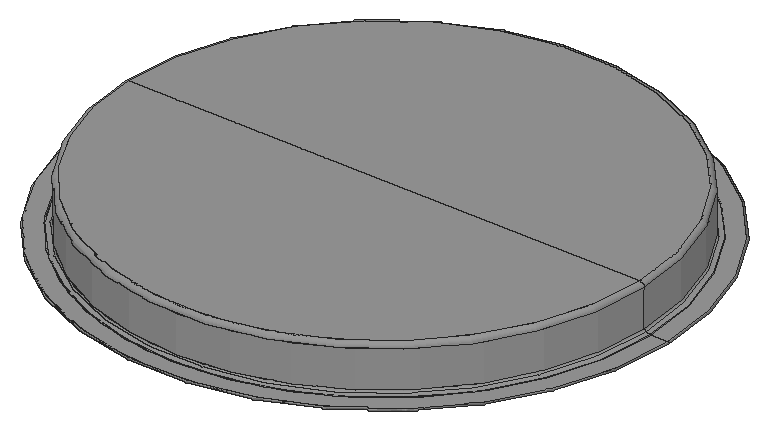
Revit family "MIA13_63_UN_Downlighter_ETK", category Lighting Fixtures, Revit 2017
Family settings
  Round Connector Dimension = Use Diameter
  Part Type = Normal
  OmniClass Number = 23.80.70.11.14.11
  OmniClass Title = Downlights
  Work Plane-Based = No
  Always vertical = Yes
  Cut with Voids When Loaded = No
  Light Source = No
  Shared = No
  Room Calculation Point = Yes
Parameters (values of type "MIA.1310.15 - Ø240 / 18W / 1800lm / 3000K")
  Wattage Comments = "18W"
  Voltage = 230 V
  URL = "http://www.etk.nl/producten/mia-1/"
  Type Comments = "IP40"
  Symbol_Waterproof [instance] = no
  Symbol_Emergency Lighting [instance] = no
  Switch Code [instance] = ""
  Radius = Diameter / 2  # 120 mm
  Model = "MIA.1"
  Manufacturer = "ETK licht B.V."
  Luminaire_Material = RAL9003
  Luminaire Code [instance] = ""
  Light Source = MIA.13 - Lightsource : MIA.1310.15 - Ø240 / 18W / 1800lm / 3000K
  Lamp = "LED"
  IfcExportType = "USERDEFINED"
  IfcExportAs = "IfcLightFixtureType"
  Diameter = 240 mm
  Copyright © IVLighting = "www.IVLighting.nl"
  Calc_Radius_housing = Radius - 10 mm  # 110 mm
  Calc_Radius_glass = Radius - 7.5 mm  # 112.5 mm
  Bundle = "110°"
  Assembly Code = "63.0"
  Apparent Load = 18 VA
Reference planes
  plane 1 "Center (Front/Back)": y = 0
  plane 2: z = 0
  plane 3 "Center (Left/Right)": x = 0
Forms (mm)
  Revolve 1, solid, material "RAL9003" <- "Luminaire_Material"
    sketch origin (0, 0, 0) x (1, 0, 0) y (0, 0, 1)
      loop
        line (-112.516, 0) -> (-120, 0)
        arc (-120, 0) -> (-120.4, -0.4) -> (-120, -0.8) r 0.4
        line (-120, -0.8) -> (-112.516, -0.8) -> (-112.516, 0)
      axis (0, 0) -> (0, -1)
    angle from 0 to 360
  Revolve 2, solid, material "RAL9003" <- "Luminaire_Material"
    sketch origin (0, 0, 0) x (1, 0, 0) y (0, 0, 1)
      loop
        line (0, 0) -> (0, 19) -> (-107.956, 19)
        arc (-107.956, 19) -> (-109.401, 18.401) -> (-110, 16.956) r 2.044
        line (-110, 16.956) -> (-110, 1.415)
        arc (-110, 1.415) -> (-110.137, 0.905) -> (-110.51, 0.533) r 1.018
        arc (-110.51, 0.533) -> (-111.47, 0.135) -> (-112.5, 0) r 3.985
        line (-112.5, 0) -> (0, 0)
      axis (0, 19) -> (0, 0)
    angle from 0 to 360
  Revolve 3, solid, material "Glass, White, High Luminance"
    sketch origin (0, 0, 0) x (1, 0, 0) y (0, 0, 1)
      loop
        line (-112.5, -0.8) -> (0, -0.8) -> (0, 0) -> (-112.5, 0) -> (-112.5, -0.8)
      axis (0, 0) -> (0, -1)
    angle from 0 to 360
Cuts and joins
  joined: Revolve 1, Revolve 2
Dimensions and locks
  "Radius": plane 3 "Center (Left/Right)" to Revolve 1 sketch curve  (x2)
  "Calc_Radius_housing": Revolve 2 sketch curve to Revolve 2 sketch curve
  locked: Revolve 2 sketch curve to Revolve 2 sketch curve at 2.5
  "Calc_Radius_glass": Revolve 3 sketch curve to Revolve 3 sketch curve
  aligned and locked: level to plane 2
Automatic sketch dimensions
  Revolve 1 sketch curve to level = 0 mm
  Revolve 1 sketch curve to plane 3 "Center (Left/Right)" = 0 mm
  Revolve 1 sketch curve to Revolve 1 sketch curve = 7.484 mm
  Revolve 1 sketch curve to level = 0.4 mm
  Revolve 1 sketch curve to level = 366.045 mm
  level to Revolve 1 sketch curve = 2214.315 mm
  Revolve 2 sketch curve to level = 0 mm
  Revolve 2 sketch curve to plane 3 "Center (Left/Right)" = 0 mm  (x2)
  Revolve 2 sketch curve to Revolve 2 sketch curve = 1.018 mm
  Revolve 2 sketch curve to Revolve 2 sketch curve = 2.044 mm
  level to Revolve 2 sketch curve = 1.415 mm
  Revolve 2 sketch curve to Revolve 2 sketch curve = 2.571 mm
  Revolve 2 sketch curve to Revolve 2 sketch curve = 12.971 mm
  Revolve 2 sketch curve to level = 366.045 mm
  Revolve 2 sketch curve to Revolve 2 sketch curve = 2195.315 mm
  Revolve 3 sketch curve to level = 0 mm
  Revolve 3 sketch curve to plane 3 "Center (Left/Right)" = 0 mm  (x2)
  Revolve 3 sketch curve to level = 0.8 mm
  Revolve 3 sketch curve to Revolve 3 sketch curve = 365.245 mm
  level to Revolve 3 sketch curve = 2214.315 mm
Nested families
  nested 1: "MIA.13 - Lightsource" at (-0.83, 0, 0), type <- "Light Source", type "MIA.1310.15 - Ø240 / 18W / 1800lm / 3000K"
  nested 2: "MIA.13 Light_Symbol_IVL" at (0, 0, 0), type "Lighting Fixture - Round"
Definition of nested family "MIA.13 - Lightsource"
  Parameters (values of type "MIA.1310.15 - Ø240 / 18W / 1800lm / 3000K")
    Wattage Comments = "18W"
    Wattage = 12.1178 W
    built-in parameter 1150110 = 1 (stored number, unit not read)
    URL = "http://www.etk.nl/producten/mia-1/"
    built-in parameter 1114217 = 1 (stored number, unit not read)
    Tilt Angle = 90.00°
    built-in parameter 1150109 = 1 (stored number, unit not read)
    built-in parameter 1150134 = (empty or 0)
    built-in parameter 1150113 = 1 (stored number, unit not read)
    Photometric Web File = "MIA.1310.15_LDT.ies"
    built-in parameter 1150142 = "IESNA91\r\n[MANUFAC]  www.etk.nl\r\n[LUMCAT] MIA.1310.15\r\n[LUMINAIRE] MIA.1 LED 18W 3000K ø240 1800Lm mat wit \r\n[LAMP] LED\r\n[CHANGED] this file converted to 'ies' from 'ldt' by IES Viewer v2.99n    (C) Andrey Legotin\r\nTILT=NONE\r\n1 1800 1.8 101 36 1 2 0 -0.22 0\r\n1 1 18\r\n0 0.9 1.8 2.7 3.6 4.5 5.4 6.3 7.2 8.1 9 9.9 10.8 11.7 12.6 \r\n13.5 14.4 15.3 16.2 17.1 18 18.9 19.8 20.7 21.6 22.5 23.4 \r\n24.3 25.2 26.1 27 27.9 28.8 29.7 30.6 31.5 32.4 33.3 34.2 \r\n35.1 36 36.9 37.8 38.7 39.6 40.5 41.4 42.3 43.2 44.1 45 \r\n45.9 46.8 47.7 48.6 49.5 50.4 51.3 52.2 53.1 54 54.9 55.8 \r\n56.7 57.6 58.5 59.4 60.3 61.2 62.1 63 63.9 64.8 65.7 66.6 \r\n67.5 68.4 69.3 70.2 71.1 72 72.9 73.8 74.7 75.6 76.5 77.4 \r\n78.3 79.2 80.1 81 81.9 82.8 83.7 84.6 85.5 86.4 87.3 88.2 \r\n89.1 90 \r\n0 10 20 30 40 50 60 70 80 90 100 110 120 130 140 150 160 \r\n170 180 190 200 210 220 230 240 250 260 270 280 290 300 310 \r\n320 330 340 350 \r\n345.652 343.7612 343.769 344.0738 344.5113 345.0035 \r\n345.0035 344.3316 343.4409 342.183 340.386 338.5968 336.956 \r\n335.3543 334.073 333.2682 332.7135 331.8306 330.2992 \r\n328.7132 326.7287 324.3535 321.9236 318.9312 315.7669 \r\n313.087 311.0712 309.3835 307.6178 305.6333 303.6565 \r\n300.7813 297.492 294.0386 290.1711 286.1239 282.4674 \r\n279.4203 276.5997 273.7636 270.8884 268.0131 264.4113 \r\n260.5594 256.4575 251.8869 247.0271 242.3939 238.2295 \r\n234.1667 230.268 226.6427 223.0252 218.9312 214.6808 \r\n210.3133 205.7661 201.0938 196.2419 190.7571 185.2723 \r\n180.2953 175.7325 171.2243 166.8802 162.6143 158.0123 \r\n152.7932 147.2146 141.5501 135.5497 129.5414 123.8222 \r\n118.2436 112.8369 107.9069 103.3049 98.4374 92.976 87.2803 \r\n81.5689 75.8184 70.0602 64.841 59.8719 54.8949 49.7461 \r\n44.4566 39.1906 34.0417 28.9085 23.7675 18.6343 13.5011 \r\n9.7117 6.6568 3.6487 0.6407 0 0 0 \r\n345.652 344.4644 343.394 342.808 342.9018 343.269 343.4331 \r\n343.3315 343.0815 342.3236 341.0266 339.7062 337.4951 \r\n335.1746 333.2526 331.7837 330.5414 329.4867 328.7444 \r\n327.9084 326.3458 324.2675 322.0486 319.1343 316.0169 \r\n312.9541 309.9461 307.0552 304.6097 303.0002 301.3907 \r\n298.914 296.1872 293.2338 289.8195 286.1942 283.0143 \r\n280.4516 278.0373 275.6231 273.2088 268.3178 263.1299 \r\n258.4343 254.5199 250.9259 247.0193 242.6205 238.0342 \r\n233.4479 228.9007 224.3535 220.025 215.8919 211.7978 \r\n207.5475 203.1956 198.8046 194.3355 189.8039 185.1473 \r\n179.5453 173.9511 168.6225 163.4893 158.4499 153.5198 \r\n148.6991 143.8862 139.0812 134.2839 129.1898 123.369 \r\n117.4623 111.6259 105.852 100.2266 95.0152 90.2492 85.4051 \r\n79.9437 74.373 68.8413 63.3487 57.8717 52.8244 48.1366 \r\n43.3628 38.2999 32.9479 27.5959 22.4627 17.3217 12.8916 \r\n9.1413 5.7583 3.7034 3.1721 2.6486 2.1252 1.5939 \r\n345.652 345.8395 345.9723 345.9958 345.2692 344.191 \r\n342.9409 341.4173 339.8 338.5264 338.3077 338.0967 337.6201 \r\n337.0341 336.2372 334.8621 333.0963 331.0727 328.4632 \r\n325.7051 323.2206 321.361 319.5093 317.9702 316.5638 \r\n314.9699 312.9073 310.493 307.9381 304.8676 301.7423 \r\n298.328 294.6246 290.8821 288.1084 285.8348 283.4675 \r\n280.9048 278.178 275.2559 271.2009 267.1537 262.7549 \r\n258.0983 253.4651 249.371 245.6754 242.0658 238.6749 235.37 \r\n231.8775 227.4865 223.0877 218.3139 213.3135 208.3288 \r\n203.5784 199.0624 194.5777 190.1867 185.8192 181.2954 \r\n176.4825 171.6384 166.3646 160.8094 155.3246 150.1133 \r\n145.1598 140.175 134.8777 129.557 124.2519 118.9702 \r\n113.6886 108.5554 103.5472 98.3671 92.7651 86.8193 80.9126 \r\n75.6465 70.3805 65.3645 60.5907 55.8403 50.793 45.4332 \r\n40.0891 34.823 29.5961 24.4316 19.525 14.6418 10.5946 \r\n7.2193 4.0706 0.9141 0 0 0 \r\n345.652 344.4488 344.6754 345.0738 344.9957 344.48 343.6909 \r\n342.4408 340.5422 338.7061 337.417 336.3622 335.4793 \r\n335.0496 334.7449 333.8855 332.4713 330.7915 328.6663 \r\n325.9395 323.2049 320.7751 318.3842 316.306 314.6886 \r\n313.2667 311.454 309.1413 306.6802 303.7737 300.3985 \r\n297.0232 293.5151 289.9914 286.7724 283.9362 281.2642 \r\n278.4514 275.42 272.3494 269.0523 265.5911 261.9502 \r\n257.3639 252.5041 248.0428 244.0503 240.2922 236.7138 \r\n233.4948 230.268 226.088 221.6111 216.8998 211.6962 \r\n206.2817 201.2735 196.8435 192.5463 188.2491 183.9519 \r\n179.6468 174.7246 169.6383 164.38 158.8562 153.1995 147.785 \r\n142.8783 137.9952 133.0885 128.135 123.1815 117.9389 \r\n112.6182 107.3521 102.172 97.0154 91.6712 85.8348 80.0063 \r\n74.5293 69.2476 64.0128 58.8874 53.8089 48.8866 44.1831 \r\n39.55 34.7136 29.3617 24.0097 19.1343 14.4621 10.3211 \r\n7.4068 5.266 3.6722 3.219 3.0002 2.7893 \r\n345.652 343.8941 342.7377 342.0111 341.9564 342.1674 \r\n342.3236 342.3939 342.3392 341.7689 340.5344 339.2921 \r\n337.1357 334.823 332.8385 331.2915 329.9789 328.8069 \r\n327.9084 326.963 325.6114 323.9081 322.072 319.1577 \r\n315.9387 312.8526 309.9305 307.1412 304.7269 303.1487 \r\n301.5704 299.0937 296.2731 293.2651 289.8039 286.1317 \r\n282.4674 278.7874 275.1543 271.7712 268.8726 265.9739 \r\n262.5908 259.0593 255.2856 251.0821 246.6286 242.2142 \r\n237.878 233.5573 229.3617 225.3379 221.3142 217.3217 \r\n213.3292 209.2117 204.891 200.4219 195.7028 190.1633 \r\n184.6316 179.3734 174.3027 169.3648 165.1457 161.2782 \r\n157.0045 152.0431 146.7146 141.3079 135.6747 130.0492 \r\n124.4082 118.7749 113.3292 108.485 104.0472 99.3437 94.0542 \r\n88.5772 83.1393 77.7873 72.4353 67.3178 62.333 57.3404 \r\n52.2853 47.1677 42.097 37.1904 32.2994 27.674 23.3378 \r\n19.0327 14.7746 10.5399 6.3052 2.0705 0 0 0 \r\n345.652 345.6051 344.4175 343.0893 342.0423 341.222 \r\n340.5813 340.2766 340.4016 340.4407 339.7922 338.9249 \r\n337.792 336.1356 334.3464 332.2447 329.8695 327.6037 \r\n325.8301 324.6504 323.4784 322.1345 320.7751 318.9468 \r\n316.5169 313.8605 310.7821 307.1959 303.7034 300.6329 \r\n297.9373 295.2965 293.2651 291.3196 288.8351 285.7958 \r\n282.4518 278.7483 274.4824 270.2711 266.4739 262.919 \r\n259.4031 256.0513 252.7385 249.2382 245.527 241.722 237.792 \r\n233.6433 229.4945 224.5097 219.3374 214.3839 209.907 \r\n205.6411 201.3126 196.906 192.4916 188.1006 183.7409 \r\n179.3734 173.9277 168.2788 162.7471 157.3795 152.0978 \r\n147.1677 142.9252 138.6358 133.8933 128.7288 123.5331 \r\n118.0717 112.5322 107.2115 102.172 97.242 92.2181 86.9599 \r\n81.7017 76.3966 71.0759 65.7864 60.5829 55.434 50.5586 \r\n46.1052 41.7689 37.2607 32.3697 27.4787 22.7518 18.0717 \r\n13.837 10.4618 7.61 5.3598 4.3597 3.555 2.7502 \r\n345.652 344.0894 344.4097 344.9098 344.7613 344.3003 \r\n343.5268 342.2455 340.6672 339.0968 337.5654 336.0263 \r\n335.2606 334.9168 334.5418 333.6667 332.4635 331.0102 \r\n329.0257 326.8302 324.5019 321.7751 319.0562 316.8216 \r\n314.8215 312.8916 311.0009 309.1492 307.0865 304.305 \r\n301.4142 298.3671 295.1168 291.8353 288.3897 284.8504 \r\n281.4829 278.4593 275.7169 272.9432 269.9117 266.8802 \r\n263.2471 259.1218 254.8402 250.3242 245.6208 241.1829 \r\n237.3935 233.987 230.518 226.713 222.908 218.7124 214.2433 \r\n209.5867 204.5082 199.0312 193.7183 188.9757 184.4285 \r\n179.9281 175.5293 171.1306 166.3333 161.2548 156.1919 \r\n151.3087 146.613 141.8001 136.0341 130.1274 124.5332 \r\n119.3453 114.2746 109.1804 104.0628 99.0155 94.1402 89.4289 \r\n84.7019 79.3499 73.998 68.7163 63.5128 58.3874 53.6683 \r\n49.4179 45.1051 40.5657 35.8778 31.1977 26.4943 21.7908 \r\n17.6264 13.9386 10.4149 6.8834 3.3596 0 0 \r\n345.652 344.6519 344.7613 345.0113 344.5504 343.6987 \r\n342.6127 341.0891 339.2453 337.5576 336.8466 336.1434 \r\n335.5731 335.1121 334.6043 333.487 331.9087 330.0805 \r\n327.674 324.9473 322.283 319.9625 317.642 315.7747 314.212 \r\n312.626 310.7118 308.485 306.0708 302.9924 299.7109 \r\n296.3669 292.8823 289.3898 286.2255 283.2721 280.3813 \r\n277.5217 274.6933 271.8181 268.5288 265.1926 261.3642 \r\n256.9419 252.3635 247.8866 243.4878 239.3234 235.7606 \r\n232.6901 229.5648 225.2051 220.8454 216.1184 211.0634 \r\n205.8911 200.9063 196.1638 191.4837 186.8818 182.3971 \r\n177.9123 173.1698 168.3882 163.6222 158.903 154.1917 \r\n149.1523 143.4643 137.7998 132.3619 127.1349 121.9314 \r\n116.9857 112.1025 107.2896 102.5783 97.8592 92.851 87.1865 \r\n81.522 76.0841 70.7321 65.7864 62.2158 59.2703 56.3247 \r\n52.5432 46.8943 40.6672 34.5261 29.8539 25.1895 21.0016 \r\n17.2435 13.6573 10.3211 7.2584 4.1956 1.1329 0 \r\n345.652 343.0268 342.2142 341.7845 341.9798 342.4799 \r\n342.683 342.4564 341.9877 341.2063 339.6672 338.128 \r\n336.0653 333.8151 331.8462 330.5883 329.7836 328.9241 \r\n327.9319 326.8693 325.4082 323.2049 321.0095 318.1264 \r\n315.0012 312.04 309.4304 307.0474 304.7504 302.7502 \r\n300.7579 298.3514 295.609 292.8041 289.6789 286.3974 \r\n282.8737 278.9124 274.7402 270.7712 267.6459 264.5207 \r\n261.2392 257.8717 254.4418 250.8243 247.0818 243.0737 \r\n238.4796 233.6823 229.0023 224.7676 220.5329 216.7122 \r\n213.1026 209.3054 204.9301 200.0781 195.1559 190.007 \r\n184.8191 179.7953 175.0059 170.2399 165.4582 160.661 \r\n155.8403 150.9493 146.0036 140.9798 135.2606 129.5414 \r\n124.2128 119.2359 114.3292 109.2507 104.0316 98.8437 \r\n93.7261 88.6397 83.444 77.4748 71.4978 65.5207 60.7938 \r\n56.7701 52.8244 48.8632 44.8863 40.886 36.8232 32.5572 \r\n28.2913 24.1191 19.9937 16.0091 12.376 9.0398 5.6958 2.3517 \r\n0 \r\n345.652 347.9803 348.6757 349.1679 349.1523 348.6835 \r\n347.9412 346.7224 344.8629 343.0971 342.058 341.261 \r\n340.5891 340.1985 339.8937 339.0968 337.8311 336.3466 \r\n334.4636 332.0806 329.6976 327.0802 324.4472 322.2596 \r\n320.7047 319.4 317.7045 315.4934 313.1963 310.6415 307.8287 \r\n304.9535 301.1407 297.2185 293.7573 290.8274 288.1475 \r\n285.5457 283.069 280.4985 277.1779 273.4042 269.4976 \r\n264.9895 260.3172 256.0747 252.3088 248.7304 245.1598 \r\n241.6361 238.1124 233.8776 229.4789 224.8848 219.9156 \r\n214.7824 209.8289 205.141 200.5313 196.0466 191.7494 \r\n187.4443 182.694 177.8498 173.0213 168.2085 163.4112 \r\n158.3014 152.5588 146.8474 141.4876 136.4872 131.5103 \r\n126.9396 122.4861 117.6811 112.415 106.899 101.336 95.6403 \r\n89.9523 84.6394 79.4906 74.4902 69.9664 65.6614 61.1532 \r\n56.3169 51.379 46.4724 41.6439 36.8154 32.7291 28.8773 \r\n25.0332 21.0954 17.1029 13.1182 9.1257 5.1332 1.1407 \r\n345.652 347.1756 346.3396 345.6598 345.5192 345.5817 \r\n345.6911 345.863 345.9411 345.6208 344.5582 343.4956 \r\n342.0111 340.2297 338.378 336.5185 334.6668 332.9323 \r\n331.565 330.5727 329.5882 328.01 326.4005 324.2988 321.6267 \r\n318.7358 315.6418 312.2978 309.1492 306.7271 304.9066 \r\n303.0237 300.6876 298.2889 295.4293 292.0931 288.5069 \r\n284.6238 280.2953 276.0528 272.4979 269.2788 266.0833 \r\n262.9346 259.8094 256.3013 252.3947 248.3553 244.2535 \r\n240.0422 235.8387 230.9555 225.9552 221.2204 216.9466 \r\n212.8604 208.8679 204.9848 201.0079 196.5544 191.5384 \r\n186.5146 180.9594 175.3262 169.8492 164.591 159.4578 \r\n154.6449 150.4414 146.1599 141.3392 136.0497 130.7133 \r\n125.0879 119.3843 113.9386 108.8366 103.8831 98.9062 93.898 \r\n88.8819 83.7253 78.5139 73.4354 68.7866 64.3332 59.6453 \r\n54.6136 49.5195 44.6207 40.1047 35.5887 31.1665 26.7755 \r\n22.5955 18.8296 15.3059 11.8369 8.4772 5.141 1.797 \r\n345.652 346.3005 347.2224 348.1053 348.285 348.1288 347.66 \r\n346.6521 345.3473 343.9409 342.1752 340.4094 339.5031 \r\n339.0343 338.6046 337.9639 337.1904 336.0809 334.2292 \r\n332.1197 329.7914 326.8849 323.9784 321.5876 319.439 \r\n317.4857 315.8762 314.5246 312.9073 310.3524 307.6568 \r\n304.516 300.836 297.0935 293.6323 290.3117 287.1709 \r\n284.3503 281.772 279.0843 275.7481 272.4041 268.8882 \r\n265.2395 261.4814 257.1451 252.3791 247.8162 243.73 \r\n239.8859 236.0341 232.0728 228.1116 224.1347 220.1422 \r\n215.97 211.2118 205.9067 200.6407 195.5387 190.4993 \r\n185.8192 181.8658 177.9983 173.4432 168.4507 163.3018 \r\n157.9577 152.4338 146.9646 141.933 136.956 131.9009 \r\n126.7521 121.5876 116.4622 111.3681 106.2114 100.8751 \r\n95.4059 89.9602 85.1004 80.2485 75.2715 70.2008 65.1223 \r\n60.1844 55.395 50.6836 46.2536 41.9798 37.6201 32.9323 \r\n28.1975 23.6581 19.2828 14.9465 10.618 6.2896 1.9533 0 \r\n345.652 345.4332 345.3004 345.1754 345.3785 345.8083 \r\n346.1599 346.0974 345.5817 344.941 343.3784 341.6126 \r\n339.7609 337.7608 335.7294 334.4714 333.9011 333.2839 \r\n332.3072 330.9868 329.6586 327.3381 325.002 322.408 \r\n319.5406 316.5872 313.962 311.7275 309.5164 307.4146 \r\n305.4067 303.3206 300.6954 297.9998 294.7183 290.8821 \r\n286.8583 282.9752 279.2953 275.67 272.5135 269.5757 \r\n266.5833 263.4346 260.2469 256.4966 252.1681 247.6365 \r\n242.9174 237.9405 232.9557 229.2914 225.8301 222.1892 \r\n218.1967 214.0714 209.5867 204.641 199.6718 194.7808 \r\n189.9836 185.1863 180.1703 175.1152 170.1617 165.3332 \r\n160.5594 155.6372 150.4493 145.277 140.2297 135.284 \r\n130.2524 124.7051 119.0093 113.5479 108.3522 103.3206 \r\n98.4686 93.9917 89.507 84.2253 78.6546 73.1151 67.724 \r\n62.4033 57.4264 52.9416 48.5507 44.0347 39.2687 34.5027 \r\n29.6429 24.7597 20.0797 15.7747 11.6728 8.2272 6.1099 \r\n4.1097 2.1017 \r\n345.652 347.8631 348.0272 347.9334 347.1365 345.9333 \r\n344.6754 343.4956 342.5424 341.9252 341.3079 341.011 \r\n340.8157 340.3703 339.2921 337.9327 336.2685 334.1667 \r\n331.9478 329.6117 327.0959 324.58 323.0643 321.7908 \r\n320.4157 318.814 317.0795 314.9387 311.9775 308.946 \r\n305.6645 302.0939 298.5311 295.6793 293.0541 290.4446 \r\n287.8428 285.2567 282.4596 278.9359 275.2559 271.4821 \r\n267.5678 263.6378 259.489 255.2231 251.0977 247.3084 \r\n243.8159 240.3078 236.706 233.0963 228.9945 224.4238 \r\n219.7203 214.673 209.3445 204.2738 199.8047 195.734 \r\n191.6243 187.2021 182.7721 177.967 172.8729 167.6459 \r\n162.1767 156.481 150.9337 145.9567 141.222 136.4325 \r\n131.4868 126.5255 121.3298 115.9544 110.6258 105.5082 \r\n100.6407 95.695 90.0852 84.366 78.8265 73.5448 68.3413 \r\n63.2159 58.1686 53.2073 48.4647 43.9331 39.4093 34.3933 \r\n29.3851 24.5332 19.8531 15.2903 11.3915 8.2663 5.141 2.0158 \r\n0 \r\n345.652 345.863 346.4568 347.0974 347.199 346.8005 346.1286 \r\n345.0895 343.5425 342.0111 340.5813 339.1827 338.0655 \r\n337.5811 337.2763 336.5263 335.3387 333.9558 332.276 \r\n330.2055 328.135 325.3145 322.4158 319.8531 317.8608 \r\n316.095 314.3917 312.751 310.9852 308.6569 305.7192 \r\n302.7737 299.0624 295.2574 291.7025 288.46 285.3817 \r\n282.4596 279.8344 277.1467 274.0058 270.5368 266.9662 \r\n262.8018 258.4733 254.1761 249.918 245.7145 241.6283 \r\n237.792 233.9558 230.0492 226.127 222.1502 218.0561 \r\n213.9151 209.321 204.0941 198.7421 193.5307 188.5616 \r\n183.5925 179.4281 175.4668 171.2087 166.388 161.2548 \r\n155.9966 150.4961 144.9723 139.3625 133.6667 127.9709 \r\n123.1424 118.5483 113.7511 108.6335 103.3362 97.953 92.3197 \r\n86.6865 81.4282 76.3732 71.3103 66.1145 60.8563 55.6762 \r\n50.6055 45.6208 40.7766 36.2919 31.815 26.9787 22.0017 \r\n17.1732 12.8369 8.8132 5.6489 4.3128 3.4143 2.5158 \r\n345.652 344.7066 345.2926 345.9489 346.2614 346.4177 \r\n346.1911 345.4098 344.3785 343.0034 340.9251 338.8546 \r\n337.7764 336.9873 336.3075 335.7215 335.1981 334.323 \r\n332.7057 330.9477 328.6976 325.7598 322.8221 320.4313 \r\n318.2124 316.1888 314.4855 312.9698 311.204 308.696 \r\n306.1958 303.0627 299.539 295.9762 292.4525 288.9601 \r\n285.7176 282.8893 280.2563 277.5061 274.4121 271.3181 \r\n267.8412 264.1769 260.3016 255.895 251.129 246.5974 \r\n242.5736 238.7061 234.9793 231.5962 228.2053 224.0878 \r\n219.6578 214.9934 209.9695 204.6722 199.414 194.2964 \r\n189.1867 184.6863 180.8188 177.0295 172.4119 167.3725 \r\n162.1767 156.6841 150.9962 145.4098 140.4328 135.4481 \r\n130.3461 125.1582 119.9312 114.6027 109.1882 103.8753 \r\n98.7968 93.8198 88.6944 82.9362 77.1701 71.6228 66.2083 \r\n60.9657 56.1528 51.7306 47.1521 42.0267 36.7607 31.565 \r\n26.4943 21.4392 16.6966 12.1494 7.6334 3.1174 0 0 0 \r\n345.652 347.6443 347.3162 346.699 345.8786 344.6363 \r\n343.1284 341.9252 341.347 340.8938 340.5266 340.3078 \r\n340.0969 339.2453 338.1905 336.9169 335.3153 333.5026 \r\n331.6822 329.8539 327.9006 325.5879 323.2753 321.4314 \r\n319.814 318.0483 315.845 313.2667 310.5868 307.5006 304.18 \r\n300.8673 297.7342 294.6324 291.8197 289.421 287.2412 \r\n284.6472 281.2017 277.6701 273.6464 269.0991 264.5988 \r\n260.7782 257.1607 253.6683 250.3555 247.1052 243.5815 \r\n239.4015 235.2293 230.9555 226.6349 222.197 217.306 \r\n212.1963 207.3521 202.8987 198.578 194.1792 189.5695 \r\n184.9598 180.35 175.7481 170.8884 165.4661 159.6765 \r\n154.0902 148.9101 143.8315 138.9796 134.5183 130.0492 \r\n124.666 118.9624 113.2042 107.3834 101.5314 95.8903
